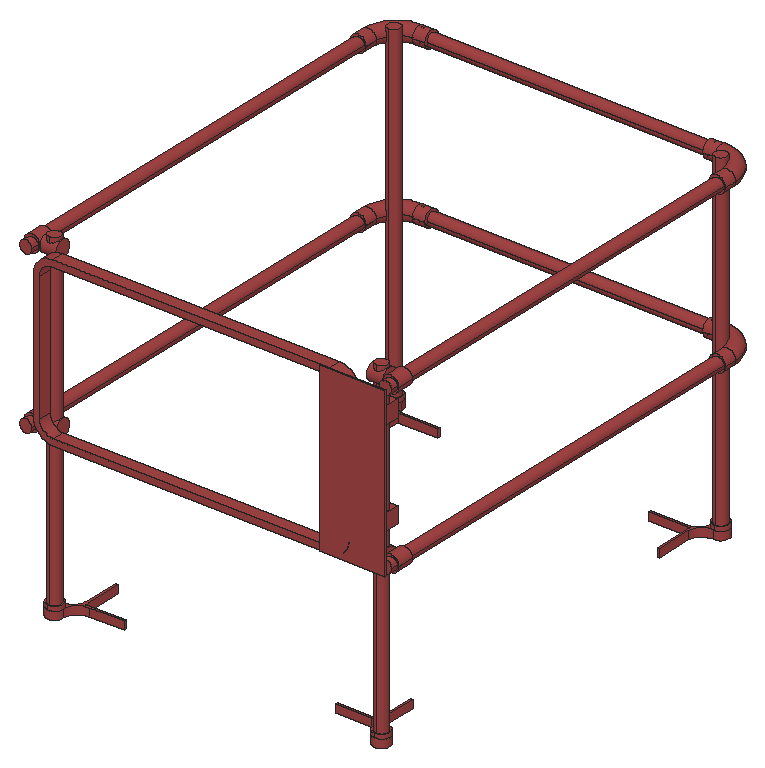
Revit family "RoofHatchSafetyRailingSystem_KeeSafety_RHSR-DL", category Generic Models, Revit 2026
Family settings
  Can host rebar = No
  Round Connector Dimension = Use Diameter
  Part Type = Normal
  Classification Number = 23.30.80.11
  Work Plane-Based = Yes
  Always vertical = Yes
  Cut with Voids When Loaded = No
  Maintain Annotation Orientation = No
  Shared = No
  Room Calculation Point = No
Parameters
  Unit Width [instance] = 3' - 0"
  Unit Depth [instance] = 4' - 0"
  URL = "keesafety.com"
  Specification = "http://www.arcat.com/sd/clients/keeind.html?coid=33541"
  Send Message = "http://www.arcat.com/users.pl?action=UserEmail&company=Kee+Safety,+Inc.&coid=33541&rep=106&fax=716-896-5696&mf="
  Sales Information = "http://www.keesafety.com/info_request_new.asp?param=usenyy"
  Revision = "R1_11-2012"
  Product Properties = "http://www.arcat.com/arcatcos/cos33/arc33541.html"
  Product Data = "http://www.arcat.com/arcatcos/cos33/arc33541.html"
  Model = "RHSR-DL"
  Material = Kee-Safety_Aluminum
  Manufacturer Website = "keesafety.com"
  Manufacturer Phone - Toll Free = "800-851-5181"
  Manufacturer Phone = "716-896-4949"
  Manufacturer Fax = "716-896-5696"
  Manufacturer Address = "100 Stradtman St. Buffalo, NY 14206"
  Manufacturer = "Kee Safety, Inc."
  Maintenance Schedule (Months) = 12
  Keynote = "05 52 00"
  Installation Phase = "Roof Hatch Safety Railing Systems"
  Green Building-LEED = "http://www.arcat.com/details/keeind/keeind.html?coid=33541"
  Drawn By = "Sumex Design, Inc. / Robert S. Weygant, CSI, CDT, SCIP"
  Description = "Roof Hatch Safety Railing System - RHSR-DL"
  Default Elevation = 0' - 0"
  Copyright = "2012, ARCAT, Inc"
  Construction Details = "http://www.arcat.com/details/keeind/keeind.html?coid=33541"
  Company_ID = 33541
  Assembly Code = "B3020230"
Reference planes (in)
  plane 1 "Center (Front/Back)": y = 0
  plane 2: z = 0
  plane 3 "Center (Left/Right)": x = 0
  plane 4 "Front Plane": y = -24
  plane 5 "Back Plane": y = 24
  plane 6 "Right Plane": x = 18
  plane 7 "Left Plane": x = -18
  plane 8: z = 1
  plane 9: z = 1.5
  plane 10: z = 42
  plane 11 "Middle Plane": z = 21
  plane 12 "Top Plane": z = 40.75
  plane 13: x = 20.12084
  plane 14: x = -20.12084
  plane 15: y = -26.12084
  plane 16: y = 26.12084
  plane 17: z = 36.75
  plane 18: z = 25
Forms (in)
  Sweep 1, solid, material "Kee-Safety_Aluminum" <- "Material"
    path origin (0, -24, 0) x (1, 0, 0) y (0, 0, 1)
      loop
        line (18, 1) -> (18, 0)
    profile origin (18, -24, 0.5) x (0, -1, 0) y (1, 0, 0)
      loop
        arc (0.24968, -0.62832) -> (0.78982, 0.63626) -> (2.07689, 1.12039) r 1.75039
        arc (2.07689, 1.12039) -> (2.82895, 2.82895) -> (1.12039, 2.07689) r 1.00142
        arc (1.12039, 2.07689) -> (0.63626, 0.78982) -> (-0.62832, 0.24968) r 1.75039
        line (-0.62832, 0.24968) -> (-5, 0.24968) -> (-5, 0) -> (0, 0) -> (0, -5) -> (0.24968, -5) -> (0.24968, -0.62832)
  Sweep 2, solid, material "Kee-Safety_Aluminum" <- "Material"
    path origin (0, -24, 0) x (1, 0, 0) y (0, 0, 1)
      loop
        line (-18, 1) -> (-18, 0)
    profile origin (-18, -24, 0.5) x (0, -1, 0) y (1, 0, 0)
      loop
        arc (1.12039, -2.07689) -> (2.82895, -2.82895) -> (2.07689, -1.12039) r 1.00142
        arc (2.07689, -1.12039) -> (0.78982, -0.63626) -> (0.24968, 0.62832) r 1.75039
        line (0.24968, 0.62832) -> (0.24968, 5) -> (0, 5) -> (0, 0) -> (-5, 0) -> (-5, -0.24968) -> (-0.62832, -0.24968)
        arc (-0.62832, -0.24968) -> (0.63626, -0.78982) -> (1.12039, -2.07689) r 1.75039
  Sweep 3, solid, material "Kee-Safety_Aluminum" <- "Material"
    path origin (0, 24, 0) x (1, 0, 0) y (0, 0, 1)
      loop
        line (-18, 1) -> (-18, 0)
    profile origin (-18, 24, 0.5) x (0, -1, 0) y (1, 0, 0)
      loop
        line (0.62832, -0.24968) -> (5, -0.24968) -> (5, 0) -> (0, 0) -> (0, 5) -> (-0.24968, 5) -> (-0.24968, 0.62832)
        arc (-0.24968, 0.62832) -> (-0.78982, -0.63626) -> (-2.07689, -1.12039) r 1.75039
        arc (-2.07689, -1.12039) -> (-2.82895, -2.82895) -> (-1.12039, -2.07689) r 1.00142
        arc (-1.12039, -2.07689) -> (-0.63626, -0.78982) -> (0.62832, -0.24968) r 1.75039
  Sweep 4, solid, material "Kee-Safety_Aluminum" <- "Material"
    path origin (0, 24, 0) x (1, 0, 0) y (0, 0, 1)
      loop
        line (18, 1) -> (18, 0)
    profile origin (18, 24, 0.5) x (0, -1, 0) y (1, 0, 0)
      loop
        line (-0.24968, -5) -> (0, -5) -> (0, 0) -> (5, 0) -> (5, 0.24968) -> (0.62832, 0.24968)
        arc (0.62832, 0.24968) -> (-0.63626, 0.78982) -> (-1.12039, 2.07689) r 1.75039
        arc (-1.12039, 2.07689) -> (-2.82895, 2.82895) -> (-2.07689, 1.12039) r 1.00142
        arc (-2.07689, 1.12039) -> (-0.78982, 0.63626) -> (-0.24968, -0.62832) r 1.75039
        line (-0.24968, -0.62832) -> (-0.24968, -5)
  Sweep 5, solid, material "Kee-Safety_Aluminum" <- "Material"
    path origin (0, 24, 0) x (1, 0, 0) y (0, 0, 1)
      loop
        line (-18, 1.5) -> (-18, 1)
    profile origin (-18, 24, 1.25) x (0, -1, 0) y (1, 0, 0)
      loop
        circle (-2.12084, -2.12084) r 1.00142
  Sweep 6, solid, material "Kee-Safety_Aluminum" <- "Material"
    path origin (0, 24, 0) x (-1, 0, 0) y (0, 0, 1)
      loop
        line (-18, 1.5) -> (-18, 1)
    profile origin (18, 24, 1.25) x (0, -1, 0) y (1, 0, 0)
      loop
        circle (-2.12084, 2.12084) r 1.00142
  Sweep 7, solid, material "Kee-Safety_Aluminum" <- "Material"
    path origin (0, -24, 0) x (1, 0, 0) y (0, 0, 1)
      loop
        line (-18, 1.5) -> (-18, 1)
    profile origin (-18, -24, 1.25) x (0, -1, 0) y (1, 0, 0)
      loop
        circle (2.12084, -2.12084) r 1.00142
  Sweep 8, solid, material "Kee-Safety_Aluminum" <- "Material"
    path origin (0, -24, 0) x (1, 0, 0) y (0, 0, 1)
      loop
        line (18, 1.5) -> (18, 1)
    profile origin (18, -24, 1.25) x (0, -1, 0) y (1, 0, 0)
      loop
        circle (2.12084, 2.12084) r 1.00142
  Sweep 9, solid, material "Kee-Safety_Aluminum" <- "Material"
    path origin (0, -24, 0) x (1, 0, 0) y (0, 0, 1)
      loop
        line (-18, 42) -> (-18, 1.5)
    profile origin (-18, -24, 21.75) x (0, -1, 0) y (1, 0, 0)
      loop
        circle (2.12084, -2.12084) r 0.75142
  Sweep 10, solid, material "Kee-Safety_Aluminum" <- "Material"
    path origin (0, -24, 0) x (-1, 0, 0) y (0, 0, 1)
      loop
        line (-18, 42) -> (-18, 1.5)
    profile origin (18, -24, 21.75) x (0, -1, 0) y (1, 0, 0)
      loop
        circle (2.12084, 2.12084) r 0.75142
  Sweep 11, solid, material "Kee-Safety_Aluminum" <- "Material"
    path origin (0, 24, 0) x (1, 0, 0) y (0, 0, 1)
      loop
        line (-18, 42) -> (-18, 1.5)
    profile origin (-18, 24, 21.75) x (0, -1, 0) y (1, 0, 0)
      loop
        circle (-2.12084, -2.12084) r 0.75142
  Sweep 12, solid, material "Kee-Safety_Aluminum" <- "Material"
    path origin (0, 24, 0) x (-1, 0, 0) y (0, 0, 1)
      loop
        line (-18, 42) -> (-18, 1.5)
    profile origin (18, 24, 21.75) x (0, -1, 0) y (1, 0, 0)
      loop
        circle (-2.12084, 2.12084) r 0.75142
  Sweep 13, solid, material "Kee-Safety_Aluminum" <- "Material"
    path origin (0, -24, 0) x (1, 0, 0) y (0, 0, 1)
      loop
        line (19.12084, 40.75) -> (21.12084, 40.75)
    profile origin (20.12084, -24, 40.75) x (0, 0, 1) y (0, -1, 0)
      loop
        circle (0, 2.12084) r 1
  Sweep 14, solid, material "Kee-Safety_Aluminum" <- "Material"
    path origin (0, -24, 0) x (-1, 0, 0) y (0, 0, 1)
      loop
        line (19.12084, 40.75) -> (21.12084, 40.75)
    profile origin (-20.12084, -24, 40.75) x (0, 0, -1) y (0, -1, 0)
      loop
        circle (0, 2.12084) r 1
  Sweep 15, solid, material "Kee-Safety_Aluminum" <- "Material"
    path origin (0, -24, -19.75) x (1, 0, 0) y (0, 0, 1)
      loop
        line (19.12084, 40.75) -> (21.12084, 40.75)
    profile origin (20.12084, -24, 21) x (0, 0, 1) y (0, -1, 0)
      loop
        circle (0, 2.12084) r 1
  Sweep 16, solid, material "Kee-Safety_Aluminum" <- "Material"
    path origin (0, -24, -19.75) x (-1, 0, 0) y (0, 0, 1)
      loop
        line (19.12084, 40.75) -> (21.12084, 40.75)
    profile origin (-20.12084, -24, 21) x (0, 0, -1) y (0, -1, 0)
      loop
        circle (0, 2.12084) r 1
  Sweep 17, solid, material "Kee-Safety_Aluminum" <- "Material"
    path origin (0, 0, 21) x (-1, 0, 0) y (0, -1, 0)
      loop
        line (-20.12084, 25.12084) -> (-20.12084, 27.12084)
    profile origin (20.12084, -26.12084, 21) x (1, 0, 0) y (0, 0, 1)
      loop
        circle (2, 0) r 0.75
      loop
        circle (2, 0) r 1
  Sweep 18, solid, material "Kee-Safety_Aluminum" <- "Material"
    path origin (0, 0, 21) x (1, 0, 0) y (0, -1, 0)
      loop
        line (-20.12084, 25.12084) -> (-20.12084, 27.12084)
    profile origin (-20.12084, -26.12084, 21) x (1, 0, 0) y (0, 0, 1)
      loop
        circle (-2, 0) r 1
      loop
        circle (-2, 0) r 0.75
  Sweep 19, solid, material "Kee-Safety_Aluminum" <- "Material"
    path origin (0, 0, 40.75) x (0, -1, 0) y (-1, 0, 0)
      loop
        line (25.12084, -20.12084) -> (27.12084, -20.12084)
    profile origin (20.12084, -26.12084, 40.75) x (1, 0, 0) y (0, 0, 1)
      loop
        circle (2, 0) r 0.75
      loop
        circle (2, 0) r 1
  Sweep 20, solid, material "Kee-Safety_Aluminum" <- "Material"
    path origin (0, 0, 40.75) x (0, -1, 0) y (-1, 0, 0)
      loop
        line (25.12084, 20.12084) -> (27.12084, 20.12084)
    profile origin (-20.12084, -26.12084, 40.75) x (1, 0, 0) y (0, 0, 1)
      loop
        circle (-2, 0) r 0.75
      loop
        circle (-2, 0) r 1
  Sweep 21, solid, material "Kee-Safety_Aluminum" <- "Material"
    path origin (0, 0, 21) x (-1, 0, 0) y (0, 1, 0)
      loop
        line (-20.12084, 23.12084) -> (-20.12084, 24.62084)
        arc (-20.12084, 24.62084) -> (-19.6815, 25.6815) -> (-18.62084, 26.12084) r 1.5
        line (-18.62084, 26.12084) -> (-17.12084, 26.12084)
    profile origin (20.12084, 23.87084, 21) x (-1, 0, 0) y (0, 0, 1)
      loop
        circle (-2, 0) r 0.75
      loop
        circle (-2, 0) r 1
  Sweep 22, solid, material "Kee-Safety_Aluminum" <- "Material"
    path origin (0, 0, 21) x (1, 0, 0) y (0, 1, 0)
      loop
        line (-20.12084, 23.12084) -> (-20.12084, 24.62084)
        arc (-20.12084, 24.62084) -> (-19.6815, 25.6815) -> (-18.62084, 26.12084) r 1.5
        line (-18.62084, 26.12084) -> (-17.12084, 26.12084)
    profile origin (-20.12084, 23.87084, 21) x (-1, 0, 0) y (0, 0, 1)
      loop
        circle (2, 0) r 1
      loop
        circle (2, 0) r 0.75
  Sweep 23, solid, material "Kee-Safety_Aluminum" <- "Material"
    path origin (0, 0, 40.75) x (0, 1, 0) y (-1, 0, 0)
      loop
        line (23.12084, -20.12084) -> (24.62084, -20.12084)
        arc (24.62084, -20.12084) -> (25.6815, -19.6815) -> (26.12084, -18.62084) r 1.5
        line (26.12084, -18.62084) -> (26.12084, -17.12084)
    profile origin (20.12084, 23.87084, 40.75) x (-1, 0, 0) y (0, 0, 1)
      loop
        circle (-2, 0) r 0.75
      loop
        circle (-2, 0) r 1
  Sweep 24, solid, material "Kee-Safety_Aluminum" <- "Material"
    path origin (0, 0, 40.75) x (0, 1, 0) y (-1, 0, 0)
      loop
        line (23.12084, 20.12084) -> (24.62084, 20.12084)
        arc (24.62084, 20.12084) -> (25.6815, 19.6815) -> (26.12084, 18.62084) r 1.5
        line (26.12084, 18.62084) -> (26.12084, 17.12084)
    profile origin (-20.12084, 23.87084, 40.75) x (-1, 0, 0) y (0, 0, 1)
      loop
        circle (2, 0) r 0.75
      loop
        circle (2, 0) r 1
  Sweep 25, solid, material "Kee-Safety_Aluminum" <- "Material"
    path origin (0, 0, 21) x (1, 0, 0) y (0, -1, 0)
      loop
        line (20.12084, 28) -> (20.12084, -24.62084)
        arc (20.12084, -24.62084) -> (19.6815, -25.6815) -> (18.62084, -26.12084) r 1.5
        line (18.62084, -26.12084) -> (-18.62084, -26.12084)
        arc (-18.62084, -26.12084) -> (-19.6815, -25.6815) -> (-20.12084, -24.62084) r 1.5
        line (-20.12084, -24.62084) -> (-20.12084, 28)
    profile origin (-20.12084, -1.68958, 21) x (1, 0, 0) y (0, 0, 1)
      loop
        circle (-2, 0) r 0.75
  Sweep 26, solid, material "Kee-Safety_Aluminum" <- "Material"
    path origin (0, 0, 40.75) x (0, -1, 0) y (-1, 0, 0)
      loop
        line (28, -20.12084) -> (-24.62084, -20.12084)
        arc (-24.62084, -20.12084) -> (-25.6815, -19.6815) -> (-26.12084, -18.62084) r 1.5
        line (-26.12084, -18.62084) -> (-26.12084, 18.62084)
        arc (-26.12084, 18.62084) -> (-25.6815, 19.6815) -> (-24.62084, 20.12084) r 1.5
        line (-24.62084, 20.12084) -> (28, 20.12084)
    profile origin (-20.12084, -1.68958, 40.75) x (1, 0, 0) y (0, 0, 1)
      loop
        circle (-2, 0) r 0.75
  Sweep 27, solid, material "Kee-Safety_Aluminum" <- "Material"
    path origin (0, -24, 0) x (1, 0, 0) y (0, 0, 1)
      loop
        arc (-18.12084, 40.75) -> (-19.53506, 40.16421) -> (-20.12084, 38.75) r 2
        line (-20.12084, 38.75) -> (-20.12084, 23)
        arc (-20.12084, 23) -> (-19.53506, 21.58579) -> (-18.12084, 21) r 2
        line (-18.12084, 21) -> (16, 21)
        arc (16, 21) -> (17.41421, 21.58579) -> (18, 23) r 2
        line (18, 23) -> (18, 38.75)
        arc (18, 38.75) -> (17.41421, 40.16421) -> (16, 40.75) r 2
        line (16, 40.75) -> (-18.12084, 40.75)
    profile origin (-1.06042, -24, 40.75) x (0, 0, 1) y (0, -1, 0)
      loop
        line (-0.375, 3.37084) -> (0.375, 3.37084) -> (0.375, 4.87084) -> (-0.375, 4.87084) -> (-0.375, 3.37084)
  Sweep 28, solid, material "Kee-Safety_Aluminum" <- "Material"
    path origin (0, -24, 0) x (1, 0, 0) y (0, 0, 1)
      loop
        line (18, 41.125) -> (18, 20.625)
    profile origin (18, -24, 30.875) x (0, -1, 0) y (1, 0, 0)
      loop
        line (4.87084, 4.87084) -> (4.87084, -3.12916) -> (4.99584, -3.12916) -> (4.99584, 4.87084) -> (4.87084, 4.87084)
  Sweep 29, solid, material "Kee-Safety_Aluminum" <- "Material"
    path origin (0, -24, 0) x (1, 0, 0) y (0, 0, 1)
      loop
        line (20.12084, 37.75) -> (20.12084, 35.75)
    profile origin (20.12084, -24, 36.75) x (0, -1, 0) y (1, 0, 0)
      loop
        line (4.87084, -1) -> (4.87084, 1) -> (0.87084, 1) -> (0.87084, -1) -> (4.87084, -1)
  Sweep 30, solid, material "Kee-Safety_Aluminum" <- "Material"
    path origin (0, -24, -11.75) x (1, 0, 0) y (0, 0, 1)
      loop
        line (20.12084, 37.75) -> (20.12084, 35.75)
    profile origin (20.12084, -24, 25) x (0, -1, 0) y (1, 0, 0)
      loop
        line (4.87084, -1) -> (4.87084, 1) -> (0.87084, 1) -> (0.87084, -1) -> (4.87084, -1)
Cuts and joins
  joined: Sweep 2, Sweep 7
  joined: Sweep 1, Sweep 8
  joined: Sweep 4, Sweep 6
  joined: Sweep 3, Sweep 5
  joined: Sweep 10, Sweep 13, Sweep 15
  joined: Sweep 9, Sweep 14, Sweep 16
Dimensions and locks (in)
  plane 8 to level = 0' - 1"
  equal spacing: plane 4 "Front Plane", plane 1 "Center (Front/Back)", plane 5 "Back Plane"
  equal spacing: plane 7 "Left Plane", plane 3 "Center (Left/Right)", plane 6 "Right Plane"
  "Unit Width": plane 7 "Left Plane" to plane 6 "Right Plane"
  "Unit Depth": plane 4 "Front Plane" to plane 5 "Back Plane"
  locked: plane 9 to plane 8 at 0.5
  equal spacing: plane 10, plane 11 "Middle Plane", level
  locked: plane 10 to plane 12 "Top Plane" at 1.25
  locked: plane 14 to plane 7 "Left Plane" at 2.12084
  locked: plane 13 to plane 6 "Right Plane" at 2.12084
  locked: plane 5 "Back Plane" to plane 16 at 2.12084
  locked: plane 15 to plane 4 "Front Plane" at 2.12084
  locked: plane 12 "Top Plane" to plane 17 at 4
  locked: plane 18 to plane 11 "Middle Plane" at 4
  aligned and locked: Sweep 1 sketch curve to plane 6 "Right Plane"
  aligned and locked: level to Sweep 1 sketch curve
  aligned and locked: plane 8 to Sweep 1 sketch curve
  aligned and locked: Sweep 2 sketch curve to plane 7 "Left Plane"
  aligned and locked: level to Sweep 2 sketch curve
  aligned and locked: plane 8 to Sweep 2 sketch curve
  aligned and locked: Sweep 3 sketch curve to plane 7 "Left Plane"
  aligned and locked: level to Sweep 3 sketch curve
  aligned and locked: plane 8 to Sweep 3 sketch curve
  aligned and locked: Sweep 4 sketch curve to plane 6 "Right Plane"
  aligned and locked: level to Sweep 4 sketch curve
  aligned and locked: plane 8 to Sweep 4 sketch curve
  aligned and locked: Sweep 5 sketch curve to plane 7 "Left Plane"
  aligned and locked: plane 8 to Sweep 5 sketch curve
  aligned and locked: plane 9 to Sweep 5 sketch curve
  aligned and locked: Sweep 6 sketch curve to plane 6 "Right Plane"
  aligned and locked: plane 9 to Sweep 6 sketch curve
  aligned and locked: plane 8 to Sweep 6 sketch curve
  aligned and locked: Sweep 7 sketch curve to plane 7 "Left Plane"
  aligned and locked: plane 9 to Sweep 7 sketch curve
  aligned and locked: plane 8 to Sweep 7 sketch curve
  aligned and locked: Sweep 8 sketch curve to plane 6 "Right Plane"
  aligned and locked: plane 9 to Sweep 8 sketch curve
  aligned and locked: plane 8 to Sweep 8 sketch curve
  aligned and locked: Sweep 9 sketch curve to plane 7 "Left Plane"
  aligned and locked: plane 10 to Sweep 9 sketch curve
  aligned and locked: plane 9 to Sweep 9 sketch curve
  aligned and locked: Sweep 10 sketch curve to plane 6 "Right Plane"
  aligned and locked: plane 10 to Sweep 10 sketch curve
  aligned and locked: plane 9 to Sweep 10 sketch curve
  aligned and locked: Sweep 11 sketch curve to plane 7 "Left Plane"
  aligned and locked: plane 10 to Sweep 11 sketch curve
  aligned and locked: plane 9 to Sweep 11 sketch curve
  aligned and locked: Sweep 12 sketch curve to plane 6 "Right Plane"
  aligned and locked: plane 10 to Sweep 12 sketch curve
  aligned and locked: plane 9 to Sweep 12 sketch curve
  aligned and locked: plane 12 "Top Plane" to Sweep 13 sketch curve
  aligned and locked: Sweep 14 sketch curve to plane 12 "Top Plane"
  aligned and locked: Sweep 15 sketch curve to plane 11 "Middle Plane"
  aligned and locked: plane 11 "Middle Plane" to Sweep 16 sketch curve
  aligned and locked: Sweep 17 sketch curve to plane 13
  aligned and locked: plane 14 to Sweep 18 sketch curve
  aligned and locked: plane 14 to Sweep 20 sketch curve
  aligned and locked: Sweep 19 sketch curve to plane 13
  aligned and locked: Sweep 24 sketch curve to plane 14
  aligned and locked: Sweep 22 sketch curve to plane 14
  aligned and locked: plane 13 to Sweep 23 sketch curve
  aligned and locked: plane 13 to Sweep 21 sketch curve
  aligned and locked: plane 14 to Sweep 25 sketch curve
  aligned and locked: plane 14 to Sweep 26 sketch curve
  aligned and locked: plane 12 "Top Plane" to Sweep 27 sketch curve
  aligned and locked: plane 14 to Sweep 27 sketch curve
  aligned and locked: Sweep 27 sketch curve to plane 11 "Middle Plane"
  aligned and locked: Sweep 27 sketch curve to plane 6 "Right Plane"
  aligned and locked: Sweep 28 sketch curve to plane 6 "Right Plane"
  aligned and locked: Sweep 29 sketch curve to plane 13
  aligned and locked: Sweep 30 sketch curve to plane 13
  aligned and locked: Sweep 25 sketch curve to plane 13
  aligned and locked: plane 16 to Sweep 25 sketch curve
  aligned and locked: Sweep 26 sketch curve to plane 13
  aligned and locked: Sweep 26 sketch curve to plane 16
  aligned and locked: Sweep 24 sketch curve to plane 16
  aligned and locked: plane 16 to Sweep 23 sketch curve
  aligned and locked: plane 16 to Sweep 21 sketch curve
Automatic sketch dimensions
  Sweep 1 sketch curve to profile plane = 0' - 0"
  Sweep 1 sketch curve to plane 4 "Front Plane" = 0' - 0"
  Sweep 1 sketch curve to plane 4 "Front Plane" = 0' - 0.62832"
  Sweep 1 sketch curve to profile plane = 0' - 0.24968"
  Sweep 1 sketch curve to Sweep 1 sketch curve = 0' - 4.37168"  (x2)
  plane 4 "Front Plane" to Sweep 1 sketch curve = 0' - 0.24968"
  plane 4 "Front Plane" to Sweep 1 sketch curve = 0' - 1.12039"
  Sweep 1 sketch curve to Sweep 1 sketch curve = 0' - 0"  (x2)
  profile plane to Sweep 1 sketch curve = 0' - 0.62832"
  Sweep 1 sketch curve to Sweep 1 sketch curve = 0' - 1.75039"
  Sweep 1 sketch curve to Sweep 1 sketch curve = 0' - 0.95651"
  Sweep 2 sketch curve to profile plane = 0' - 0"
  Sweep 2 sketch curve to plane 4 "Front Plane" = 0' - 0"
  Sweep 2 sketch curve to plane 4 "Front Plane" = 0' - 0.62832"
  Sweep 2 sketch curve to Sweep 2 sketch curve = 0' - 4.37168"  (x2)
  Sweep 2 sketch curve to Sweep 2 sketch curve = 0' - 0.24968"
  plane 4 "Front Plane" to Sweep 2 sketch curve = 0' - 1.12039"
  Sweep 2 sketch curve to Sweep 2 sketch curve = 0' - 0"
  Sweep 2 sketch curve to profile plane = 0' - 0.62832"
  Sweep 2 sketch curve to Sweep 2 sketch curve = 0' - 1.75039"
  profile plane to Sweep 2 sketch curve = 0' - 1.12039"
  Sweep 2 sketch curve to Sweep 2 sketch curve = 0' - 0.95651"
  Sweep 2 sketch curve to Sweep 2 sketch curve = 0' - 1.00046"
  Sweep 3 sketch curve to plane 5 "Back Plane" = 0' - 0"
  Sweep 3 sketch curve to profile plane = 0' - 0"
  Sweep 3 sketch curve to plane 5 "Back Plane" = 0' - 0.24968"
  Sweep 3 sketch curve to plane 5 "Back Plane" = 0' - 1.12039"
  Sweep 3 sketch curve to Sweep 3 sketch curve = 0' - 0"  (x2)
  Sweep 3 sketch curve to profile plane = 0' - 0.62832"
  Sweep 3 sketch curve to Sweep 3 sketch curve = 0' - 1.75039"
  Sweep 3 sketch curve to Sweep 3 sketch curve = 0' - 0.95651"
  Sweep 3 sketch curve to Sweep 3 sketch curve = 0' - 1.00046"
  profile plane to Sweep 3 sketch curve = 0' - 0.24968"
  Sweep 3 sketch curve to Sweep 3 sketch curve = 0' - 4.37168"  (x2)
  Sweep 4 sketch curve to plane 5 "Back Plane" = 0' - 0"
  Sweep 4 sketch curve to profile plane = 0' - 0"
  Sweep 4 sketch curve to plane 5 "Back Plane" = 0' - 0.24968"
  Sweep 4 sketch curve to plane 5 "Back Plane" = 0' - 1.12039"
  Sweep 4 sketch curve to Sweep 4 sketch curve = 0' - 0"  (x2)
  profile plane to Sweep 4 sketch curve = 0' - 0.62832"
  Sweep 4 sketch curve to Sweep 4 sketch curve = 0' - 1.75039"
  Sweep 4 sketch curve to Sweep 4 sketch curve = 0' - 0.95651"
  Sweep 4 sketch curve to Sweep 4 sketch curve = 0' - 0.04395"
  Sweep 4 sketch curve to profile plane = 0' - 0.24968"
  Sweep 4 sketch curve to Sweep 4 sketch curve = 0' - 4.37168"  (x2)
  Sweep 5 sketch curve to plane 5 "Back Plane" = 0' - 2.12084"
  profile plane to Sweep 5 sketch curve = 0' - 2.12084"
  Sweep 6 sketch curve to plane 5 "Back Plane" = 0' - 2.12084"
  Sweep 6 sketch curve to profile plane = 0' - 2.12084"
  plane 4 "Front Plane" to Sweep 7 sketch curve = 0' - 2.12084"
  profile plane to Sweep 7 sketch curve = 0' - 2.12084"
  plane 4 "Front Plane" to Sweep 8 sketch curve = 0' - 2.12084"
  Sweep 8 sketch curve to profile plane = 0' - 2.12084"
  plane 4 "Front Plane" to Sweep 9 sketch curve = 0' - 2.12084"
  profile plane to Sweep 9 sketch curve = 0' - 2.12084"
  plane 4 "Front Plane" to Sweep 10 sketch curve = 0' - 2.12084"
  Sweep 10 sketch curve to profile plane = 0' - 2.12084"
  Sweep 11 sketch curve to plane 5 "Back Plane" = 0' - 2.12084"
  profile plane to Sweep 11 sketch curve = 0' - 2.12084"
  Sweep 12 sketch curve to plane 5 "Back Plane" = 0' - 2.12084"
  Sweep 12 sketch curve to profile plane = 0' - 2.12084"
  Sweep 13 sketch curve to plane 13 = 0' - 1"
  plane 13 to Sweep 13 sketch curve = 0' - 1"
  Sweep 13 sketch curve to profile plane = 0' - 0"
  plane 4 "Front Plane" to Sweep 13 sketch curve = 0' - 2.12084"
  plane 14 to Sweep 14 sketch curve = 0' - 1"
  Sweep 14 sketch curve to plane 14 = 0' - 1"
  Sweep 14 sketch curve to profile plane = 0' - 0"
  plane 4 "Front Plane" to Sweep 14 sketch curve = 0' - 2.12084"
  Sweep 15 sketch curve to plane 13 = 0' - 1"
  plane 13 to Sweep 15 sketch curve = 0' - 1"
  Sweep 15 sketch curve to profile plane = 0' - 0"
  plane 4 "Front Plane" to Sweep 15 sketch curve = 0' - 2.12084"
  plane 14 to Sweep 16 sketch curve = 0' - 1"
  Sweep 16 sketch curve to plane 14 = 0' - 1"
  Sweep 16 sketch curve to profile plane = 0' - 0"
  plane 4 "Front Plane" to Sweep 16 sketch curve = 0' - 2.12084"
  Sweep 17 sketch curve to plane 15 = 0' - 1"
  plane 15 to Sweep 17 sketch curve = 0' - 1"
  Sweep 17 sketch curve to Sweep 17 sketch curve = 0' - 0"  (x2)
  Sweep 17 sketch curve to plane 11 "Middle Plane" = 0' - 0"
  Sweep 17 sketch curve to profile plane = 0' - 2"
  plane 15 to Sweep 18 sketch curve = 0' - 1"
  Sweep 18 sketch curve to plane 15 = 0' - 1"
  Sweep 18 sketch curve to Sweep 18 sketch curve = 0' - 0"  (x2)
  Sweep 18 sketch curve to plane 11 "Middle Plane" = 0' - 0"
  profile plane to Sweep 18 sketch curve = 0' - 2"
  plane 15 to Sweep 19 sketch curve = 0' - 1"
  Sweep 19 sketch curve to plane 15 = 0' - 1"
  Sweep 19 sketch curve to Sweep 19 sketch curve = 0' - 0"  (x2)
  Sweep 19 sketch curve to plane 12 "Top Plane" = 0' - 0"
  Sweep 19 sketch curve to profile plane = 0' - 2"
  plane 15 to Sweep 20 sketch curve = 0' - 1"
  Sweep 20 sketch curve to plane 15 = 0' - 1"
  Sweep 20 sketch curve to Sweep 20 sketch curve = 0' - 0"  (x2)
  Sweep 20 sketch curve to plane 12 "Top Plane" = 0' - 0"
  profile plane to Sweep 20 sketch curve = 0' - 2"
  Sweep 21 sketch curve to Sweep 21 sketch curve = 0' - 0"  (x2)
  Sweep 21 sketch curve to plane 11 "Middle Plane" = 0' - 0"
  profile plane to Sweep 21 sketch curve = 0' - 2"
  Sweep 22 sketch curve to Sweep 22 sketch curve = 0' - 0"  (x2)
  Sweep 22 sketch curve to plane 11 "Middle Plane" = 0' - 0"
  Sweep 22 sketch curve to profile plane = 0' - 2"
  Sweep 23 sketch curve to Sweep 23 sketch curve = 0' - 0"  (x2)
  Sweep 23 sketch curve to plane 12 "Top Plane" = 0' - 0"
  profile plane to Sweep 23 sketch curve = 0' - 2"
  Sweep 24 sketch curve to Sweep 24 sketch curve = 0' - 0"  (x2)
  Sweep 24 sketch curve to plane 12 "Top Plane" = 0' - 0"
  Sweep 24 sketch curve to profile plane = 0' - 2"
  Sweep 25 sketch curve to plane 11 "Middle Plane" = 0' - 0"
  profile plane to Sweep 25 sketch curve = 0' - 2"
  Sweep 27 sketch curve to plane 7 "Left Plane" = 0' - 0.12084"  (x2)
  Sweep 27 sketch curve to plane 6 "Right Plane" = 0' - 2"
  Sweep 27 sketch curve to Sweep 27 sketch curve = 0' - 2"
  profile plane to Sweep 27 sketch curve = 0' - 0 3/8"
  Sweep 27 sketch curve to profile plane = 0' - 0 3/8"
  plane 4 "Front Plane" to Sweep 27 sketch curve = 0' - 3.37084"
  Sweep 27 sketch curve to Sweep 27 sketch curve = 0' - 1 1/2"
  Sweep 28 sketch curve to plane 11 "Middle Plane" = 0' - 0 3/8"
  Sweep 28 sketch curve to plane 12 "Top Plane" = 0' - 0 3/8"
  plane 4 "Front Plane" to Sweep 28 sketch curve = 0' - 4.87084"
  Sweep 28 sketch curve to Sweep 28 sketch curve = 0' - 0 1/8"
  profile plane to Sweep 28 sketch curve = 0' - 3.12916"
  Sweep 28 sketch curve to profile plane = 0' - 4.87084"
  Sweep 29 sketch curve to plane 17 = 0' - 1"
  plane 17 to Sweep 29 sketch curve = 0' - 1"
  plane 4 "Front Plane" to Sweep 29 sketch curve = 0' - 0.87084"
  profile plane to Sweep 29 sketch curve = 0' - 1"
  Sweep 29 sketch curve to Sweep 29 sketch curve = 0' - 4"
  Sweep 29 sketch curve to profile plane = 0' - 1"
  Sweep 30 sketch curve to plane 18 = 0' - 1"
  plane 18 to Sweep 30 sketch curve = 0' - 1"
  plane 4 "Front Plane" to Sweep 30 sketch curve = 0' - 0.87084"
  profile plane to Sweep 30 sketch curve = 0' - 1"
  Sweep 30 sketch curve to Sweep 30 sketch curve = 0' - 4"
  Sweep 30 sketch curve to profile plane = 0' - 1"
  plane 7 "Left Plane" to Sweep 25 sketch curve = 0' - 0.62084"
  Sweep 25 sketch curve to plane 6 "Right Plane" = 0' - 0.62084"
  Sweep 25 sketch curve to plane 15 = 0' - 1.87916"  (x2)
  Sweep 26 sketch curve to plane 12 "Top Plane" = 0' - 0"
  profile plane to Sweep 26 sketch curve = 0' - 2"
  plane 5 "Back Plane" to Sweep 26 sketch curve = 0' - 0.62084"  (x2)
  Sweep 26 sketch curve to plane 15 = 0' - 1.87916"  (x2)
  Sweep 24 sketch curve to plane 5 "Back Plane" = 0' - 0.62084"
  plane 5 "Back Plane" to Sweep 24 sketch curve = 0' - 0.87916"
  plane 7 "Left Plane" to Sweep 24 sketch curve = 0' - 0.87916"
  Sweep 22 sketch curve to plane 5 "Back Plane" = 0' - 0.62084"
  plane 7 "Left Plane" to Sweep 22 sketch curve = 0' - 0.87916"
  plane 5 "Back Plane" to Sweep 22 sketch curve = 0' - 0.87916"
  Sweep 22 sketch curve to plane 16 = 0' - 0"
  Sweep 23 sketch curve to plane 5 "Back Plane" = 0' - 0.62084"
  plane 5 "Back Plane" to Sweep 23 sketch curve = 0' - 0.87916"
  Sweep 23 sketch curve to plane 6 "Right Plane" = 0' - 0.87916"
  plane 5 "Back Plane" to Sweep 21 sketch curve = 0' - 0.62084"
  plane 6 "Right Plane" to Sweep 21 sketch curve = 0' - 0.87916"
  Sweep 21 sketch curve to plane 5 "Back Plane" = 0' - 0.87916"
  radius of Sweep 5 sketch curve = 0' - 1.00142"
  radius of Sweep 6 sketch curve = 0' - 1.00142"
  radius of Sweep 7 sketch curve = 0' - 1.00142"
  radius of Sweep 8 sketch curve = 0' - 1.00142"
  radius of Sweep 9 sketch curve = 0' - 0.75142"
  radius of Sweep 10 sketch curve = 0' - 0.75142"
  radius of Sweep 11 sketch curve = 0' - 0.75142"
  radius of Sweep 12 sketch curve = 0' - 0.75142"
  radius of Sweep 13 sketch curve = 0' - 1"
  radius of Sweep 14 sketch curve = 0' - 1"
  radius of Sweep 15 sketch curve = 0' - 1"
  radius of Sweep 16 sketch curve = 0' - 1"
  radius of Sweep 17 sketch curve = 0' - 0 3/4"
  radius of Sweep 17 sketch curve = 0' - 1"
  radius of Sweep 18 sketch curve = 0' - 1"
  radius of Sweep 18 sketch curve = 0' - 0 3/4"
  radius of Sweep 19 sketch curve = 0' - 0 3/4"
  radius of Sweep 19 sketch curve = 0' - 1"
  radius of Sweep 20 sketch curve = 0' - 0 3/4"
  radius of Sweep 20 sketch curve = 0' - 1"
  radius of Sweep 21 sketch curve = 0' - 0 3/4"
  radius of Sweep 21 sketch curve = 0' - 1"
  radius of Sweep 22 sketch curve = 0' - 1"
  radius of Sweep 22 sketch curve = 0' - 0 3/4"
  radius of Sweep 23 sketch curve = 0' - 0 3/4"
  radius of Sweep 23 sketch curve = 0' - 1"
  radius of Sweep 24 sketch curve = 0' - 0 3/4"
  radius of Sweep 24 sketch curve = 0' - 1"
  radius of Sweep 25 sketch curve = 0' - 0 3/4"
  radius of Sweep 26 sketch curve = 0' - 0 3/4"
